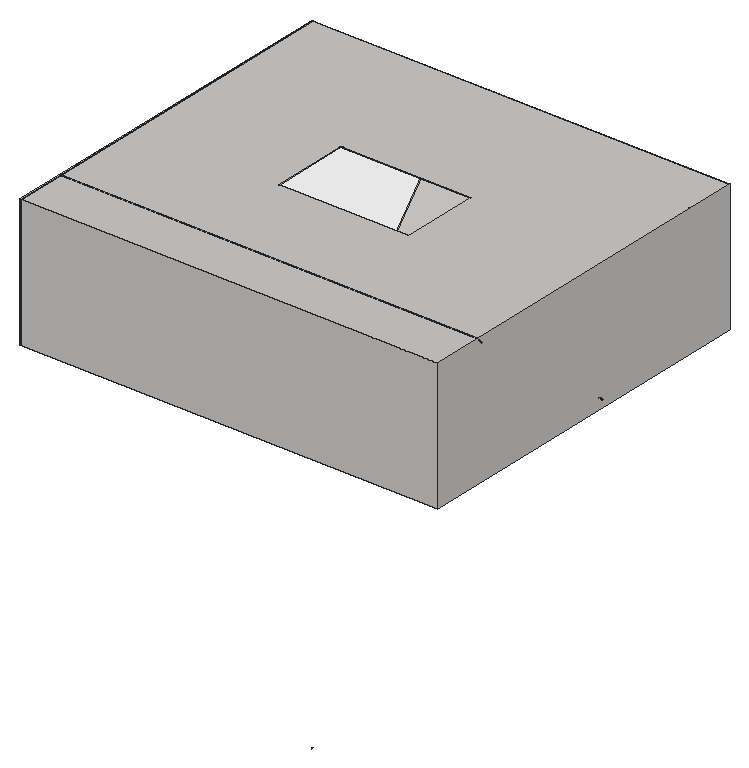
Revit family "QF_ELECTROLUXPROFESSIONAL_642031_EC1416T", category Specialty Equipment, Revit 2014
Reference planes
  plane 1: z = 0
  plane 2 "Center (Left/Right)": x = 150
  plane 3 "LEFT": x = -650
  plane 4 "RIGHT": x = 950
  plane 5 "BACK": y = 550
  plane 6 "TOP": z = 2500
  plane 7 "Base": z = 2000
  plane 8: z = 1946
  plane 9: x = -647
  plane 10 "DrainX": x = 799
  plane 11 "AOLeft2": x = 400
  plane 12: x = 947
  plane 13: x = -450
  plane 14: x = 750
  plane 15: x = 50
  plane 16: x = 250
  plane 17 "AOLeft1": x = -100
  plane 18: y = 0
  plane 19: y = -300
  plane 20: y = -150
  plane 21: y = -850
  plane 22: through (0, 260.354, 2382.279) normal (0, 0.766, -0.6428)
  plane 23: through (0, -560.351, 2382.279) normal (0, -0.766, -0.6428)
  plane 24: through (0, 272.154, 2402.468) normal (0, -0.753, 0.6581)
  plane 25: through (0, -572.152, 2402.468) normal (0, -0.753, -0.6581)
Forms (mm)
  Extrusion 1, solid, material "QF_Finishes_Stainless Steel"
    sketch origin (-650, 0, 360) x (0, 1, 0) y (0, 0, 1)
      loop
        line (550, 1640) -> (550, 2140) -> (-850, 2140) -> (-850, 1640) -> (550, 1640)
    from 0 to 3
  Extrusion 2, solid, material "QF_Finishes_Stainless Steel"
    sketch origin (950, 0, 360) x (0, 1, 0) y (0, 0, 1)
      loop
        line (550, 1640) -> (550, 2140) -> (-850, 2140) -> (-850, 1640) -> (550, 1640)
    from 0 to -3
  Extrusion 3, solid, material "QF_Finishes_Stainless Steel"
    sketch origin (150, 0, 360) x (0, 1, 0) y (0, 0, 1)
      loop
        line (-850, 2140) -> (-850, 1640) -> (-840, 1640) -> (-840, 1640.8) -> (-849.2, 1640.8) -> (-849.2, 2139.19) -> (549.2, 2139.19) -> (549.2, 1640.8) -> (540, 1640.8) -> (540, 1640) -> (550, 1640) -> (550, 2140) -> (-850, 2140)
    from -800 to 800
  Extrusion 4, solid, material "QF_Finishes_Stainless Steel"
    sketch origin (0, -600, 2000) x (0, 1, 0) y (-1, 0, 0)
      loop
        circle (450, -799) r 6.35
    from -3.799 to 0
  Extrusion 5, void
    sketch origin (0, 400, 2500) x (0, 1, 0) y (-1, 0, 0)
      loop
        line (-400, -400) -> (-400, 100) -> (-700, 100) -> (-700, -400) -> (-400, -400)
    from 0 to -10
  Extrusion 6, solid, material "QF_Finishes_Stainless Steel"
    sketch origin (0, 0, 0) x (1, 0, 0) y (0, 1, 0)
      loop
        line (-650, 550) -> (-650, 549) -> (-649, 549) -> (-649, 550) -> (-650, 550)
    from 0 to 1
  Extrusion 7, solid, material "QF_Finishes_Stainless Steel"
    sketch origin (150, 0, 360) x (0, 1, 0) y (0, 0, 1)
      loop
        line (-79.471, 1685.734) -> (-56.882, 1665.992) -> (272.154, 2042.468) -> (249.566, 2062.21) -> (-79.471, 1685.734)
      loop
        line (-572.152, 2042.468) -> (-243.115, 1665.992) -> (-220.526, 1685.734) -> (-549.563, 2062.21) -> (-572.152, 2042.468)
    from -600 to -797
  Extrusion 8, solid, material "QF_Finishes_Stainless Steel"
    sketch origin (150, 0, 360) x (0, 1, 0) y (0, 0, 1)
      loop
        line (260.354, 2022.279) -> (358.454, 2139.19) -> (357.41, 2139.19) -> (266.169, 2030.453) -> (264.331, 2031.996) -> (257.903, 2024.336) -> (260.354, 2022.279)
      loop
        line (-39.202, 1672.761) -> (-56.017, 1663.363) -> (-81.407, 1685.429) -> (-81.974, 1684.862) -> (-54.914, 1661.345) -> (-90.242, 1641.601) -> (-209.758, 1641.601) -> (-245.086, 1661.345) -> (-218.026, 1684.862) -> (-218.593, 1685.429) -> (-243.983, 1663.363) -> (-260.798, 1672.761) -> (-262.311, 1670.055) -> (-209.966, 1640.801) -> (-90.034, 1640.801) -> (-37.689, 1670.055) -> (-39.202, 1672.761)
      loop
        line (-560.354, 2022.279) -> (-557.903, 2024.336) -> (-564.331, 2031.996) -> (-566.169, 2030.453) -> (-657.41, 2139.19) -> (-658.454, 2139.19) -> (-560.354, 2022.279)
    from -797 to 797
  Extrusion 9, solid, material "QF_Finishes_Stainless Steel"
    sketch origin (150, 0, 360) x (0, 1, 0) y (0, 0, 1)
      loop
        line (272.154, 2042.468) -> (249.566, 2062.21) -> (-79.471, 1685.734) -> (-56.882, 1665.992) -> (272.154, 2042.468)
      loop
        line (-572.154, 2042.468) -> (-243.118, 1665.992) -> (-220.529, 1685.734) -> (-549.566, 2062.21) -> (-572.154, 2042.468)
    from 797 to 600
  Extrusion 10, solid, material "QF_Finishes_Stainless Steel"
    sketch origin (150, 0, 360) x (0, 1, 0) y (0, 0, 1)
      loop
        line (272.154, 2042.468) -> (249.566, 2062.21) -> (-79.471, 1685.734) -> (-56.882, 1665.992) -> (272.154, 2042.468)
      loop
        line (-572.154, 2042.468) -> (-243.118, 1665.992) -> (-220.529, 1685.734) -> (-549.566, 2062.21) -> (-572.154, 2042.468)
    from -100 to 100
  Extrusion 11, solid, material "QF_Finished_Chrome"
    sketch origin (150, 0, 360) x (0, 1, 0) y (0, 0, 1)
      loop
        line (249.566, 2062.21) -> (-79.471, 1685.734) -> (-56.882, 1665.992) -> (272.154, 2042.468) -> (249.566, 2062.21)
      loop
        line (-549.566, 2062.21) -> (-572.154, 2042.468) -> (-243.118, 1665.992) -> (-220.529, 1685.734) -> (-549.566, 2062.21)
    from -600 to -100
  Extrusion 12, solid, material "QF_Finished_Chrome"
    sketch origin (150, 0, 360) x (0, 1, 0) y (0, 0, 1)
      loop
        line (272.154, 2042.468) -> (249.566, 2062.21) -> (-79.471, 1685.734) -> (-56.882, 1665.992) -> (272.154, 2042.468)
      loop
        line (-572.154, 2042.468) -> (-243.118, 1665.992) -> (-220.529, 1685.734) -> (-549.566, 2062.21) -> (-572.154, 2042.468)
    from 100 to 600
  Sweep 13, solid, material "QF_Finishes_Stainless Steel"
    path origin (0, 0, 0) x (1, 0, 0) y (0, 1, 0)
      loop
        line (950, 550) -> (-650, 550) -> (-650, -850) -> (950, -850) -> (950, 550)
    profile origin (950, -150, 0) x (1, 0, 0) y (0, 0, 1)
      loop
        line (-3, 2000) -> (-3, 2000.8) -> (-19, 2000.8) -> (-19, 2010) -> (-20, 2010) -> (-20, 2000) -> (-3, 2000)
  Extrusion 14, solid, material "QF_Finishes_Stainless Steel"
    sketch origin (799, 0, 0) x (0, 1, 0) y (0, 0, 1)
      loop
        arc (-105.855, 1994.063) -> (-104.106, 1996.894) -> (-100.969, 1998.001) r 5
        line (-100.969, 1998.001) -> (-94.999, 1998.001) -> (-94.999, 2000.8) -> (-204.999, 2000.8) -> (-204.999, 1998.001) -> (-199.028, 1998.001)
        arc (-199.028, 1998.001) -> (-195.891, 1996.894) -> (-194.142, 1994.063) r 5
        line (-194.142, 1994.063) -> (-187.139, 1955.845)
        arc (-187.139, 1955.845) -> (-182.768, 1948.768) -> (-174.924, 1946) r 12.5
        line (-174.924, 1946) -> (-125.073, 1946)
        arc (-125.073, 1946) -> (-117.229, 1948.768) -> (-112.859, 1955.845) r 12.5
        line (-112.859, 1955.845) -> (-105.855, 1994.063)
    from -90 to 90
Cuts and joins
  Extrusion 5 cuts Extrusion 3
  joined: Extrusion 2, Extrusion 3, Sweep 13
Lines and regions (mm)
  symbolic lines, style "SpecialityEquipment", detail levels coarse
    curve 1: line (950, 550, 2500) -> (-650, 550, 2500)
    curve 2: line (-650, 550, 2500) -> (-650, -850, 2500)
    curve 3: line (950, -850, 2500) -> (950, 550, 2500)
    curve 4: line (-650, 550, 0) -> (950, -850, 0)
    curve 5: line (950, 550, 0) -> (-650, -850, 0)
  symbolic lines, detail levels coarse
    curve 6: line (-650, -850, 0) -> (950, -850, 0)
    curve 7: line (400, 0, 0) -> (-100, 0, 0)
    curve 8: line (400, -300, 0) -> (400, 0, 0)
    curve 9: line (-100, -300, 0) -> (400, -300, 0)
    curve 10: line (-100, 0, 0) -> (-100, -300, 0)
Dimensions and locks
  plane 3 "LEFT" to plane 4 "RIGHT" = 1600 mm
  equal spacing: plane 3 "LEFT", plane 2 "Center (Left/Right)", plane 4 "RIGHT"
  plane 3 "LEFT" to plane 9 = 3 mm
  plane 10 "DrainX" to plane 4 "RIGHT" = 151 mm
  plane 12 to plane 4 "RIGHT" = 3 mm
  plane 3 "LEFT" to plane 13 = 200 mm
  plane 14 to plane 4 "RIGHT" = 200 mm
  locked: plane 7 "Base" to level at 2000
  locked: plane 6 "TOP" to plane 7 "Base" at 500
  locked: plane 15 to plane 16 at 200
  equal spacing: plane 15, plane 2 "Center (Left/Right)", plane 16
  plane 5 "BACK" to plane 21 = 1400 mm  (x2)
  equal spacing: plane 5 "BACK", plane 20, plane 21
  locked: plane 18 to plane 19 at 300
  equal spacing: plane 18, plane 20, plane 19
  plane 7 "Base" to plane 8 = 54 mm
  equal spacing: plane 17 "AOLeft1", plane 2 "Center (Left/Right)", plane 11 "AOLeft2"
  locked: plane 17 "AOLeft1" to plane 11 "AOLeft2" at 500
  aligned and locked: level to plane 1
  aligned and locked: plane 4 "RIGHT" to Extrusion 3
  aligned and locked: Extrusion 3 to plane 3 "LEFT"
  aligned and locked: Extrusion 7 to plane 9
  aligned and locked: Extrusion 7 to plane 13
  aligned and locked: Extrusion 2 to plane 12
  aligned and locked: plane 12 to Extrusion 9
  aligned and locked: plane 14 to Extrusion 9
  aligned and locked: plane 16 to Extrusion 10
  aligned and locked: Extrusion 10 to plane 15
  aligned and locked: plane 15 to Extrusion 11
  aligned and locked: Extrusion 11 to plane 13
  aligned and locked: Extrusion 12 to plane 16
  aligned and locked: Extrusion 12 to plane 14
  aligned and locked: Extrusion 8 to plane 9
  aligned and locked: plane 12 to Extrusion 8
  aligned and locked: Extrusion 5 to plane 17 "AOLeft1"
  aligned and locked: Extrusion 5 to plane 11 "AOLeft2"
  aligned and locked: plane 18 to curve 7
  aligned and locked: curve 9 to plane 19
  aligned and locked: plane 18 to Extrusion 5 sketch curve
  aligned and locked: Extrusion 5 sketch curve to plane 19
Automatic sketch dimensions
  Extrusion 1 sketch curve to plane 7 "Base" = 0 mm
  Extrusion 1 sketch curve to plane 5 "BACK" = 0 mm
  Extrusion 1 sketch curve to plane 6 "TOP" = 0 mm
  Extrusion 2 sketch curve to plane 7 "Base" = 0 mm
  Extrusion 2 sketch curve to plane 5 "BACK" = 0 mm
  Extrusion 2 sketch curve to plane 6 "TOP" = 0 mm
  Extrusion 3 sketch curve to plane 6 "TOP" = 0 mm
  Extrusion 3 sketch curve to plane 7 "Base" = 0 mm  (x2)
  Extrusion 3 sketch curve to plane 5 "BACK" = 0 mm
  Extrusion 3 sketch curve to Extrusion 3 sketch curve = 9.2 mm
  plane 7 "Base" to Extrusion 3 sketch curve = 0.8 mm  (x2)
  Extrusion 3 sketch curve to plane 5 "BACK" = 10 mm
  Extrusion 3 sketch curve to plane 5 "BACK" = 0.8 mm
  Extrusion 3 sketch curve to plane 6 "TOP" = 0.81 mm
  Extrusion 4 sketch curve to plane 10 "DrainX" = 0 mm
  Extrusion 5 sketch curve to plane 11 "AOLeft2" = 0 mm
  Extrusion 5 sketch curve to plane 17 "AOLeft1" = 0 mm
  Extrusion 6 sketch curve to plane 3 "LEFT" = 0 mm
  Extrusion 6 sketch curve to plane 5 "BACK" = 0 mm
  plane 3 "LEFT" to Extrusion 6 sketch curve = 1 mm
  Extrusion 6 sketch curve to Extrusion 6 sketch curve = 1 mm
  Sweep 13 sketch curve to plane 3 "LEFT" = 0 mm
  Sweep 13 sketch curve to plane 4 "RIGHT" = 0 mm
  Sweep 13 sketch curve to plane 5 "BACK" = 0 mm
  profile plane to Sweep 13 sketch curve = 20 mm
  Sweep 13 sketch curve to Sweep 13 sketch curve = 1 mm
  profile plane to Sweep 13 sketch curve = 3 mm
  level to Sweep 13 sketch curve = 2000 mm
  Sweep 13 sketch curve to Sweep 13 sketch curve = 0.8 mm
  Sweep 13 sketch curve to Sweep 13 sketch curve = 9.2 mm
  Extrusion 1 sketch curve to plane 19 = 550 mm
  Extrusion 2 sketch curve to plane 19 = 550 mm
  Extrusion 3 sketch curve to plane 19 = 540 mm
  Extrusion 3 sketch curve to Extrusion 3 sketch curve = 0.8 mm
  Sweep 13 sketch curve to plane 19 = 550 mm
  curve 5 to plane 3 "LEFT" = 0 mm
  curve 4 to plane 3 "LEFT" = 0 mm
  curve 10 to plane 17 "AOLeft1" = 0 mm
  curve 8 to plane 11 "AOLeft2" = 0 mm
  curve 5 to plane 4 "RIGHT" = 0 mm
  curve 6 to plane 4 "RIGHT" = 0 mm
  curve 4 to plane 5 "BACK" = 0 mm
  curve 5 to plane 5 "BACK" = 0 mm
  curve 6 to plane 21 = 0 mm
  Extrusion 7 sketch curve to plane 24 = 0 mm  (x2)
  Extrusion 7 sketch curve to plane 6 "TOP" = 77.79 mm  (x2)
  plane 7 "Base" to Extrusion 7 sketch curve = 25.992 mm  (x2)
  plane 7 "Base" to Extrusion 7 sketch curve = 45.734 mm
  Extrusion 7 sketch curve to plane 25 = 0 mm
  plane 25 to Extrusion 7 sketch curve = 0 mm
  Extrusion 7 sketch curve to plane 20 = 70.526 mm
  Extrusion 11 sketch curve to plane 24 = 0 mm  (x2)
  Extrusion 11 sketch curve to plane 19 = 272.154 mm
  Extrusion 11 sketch curve to plane 6 "TOP" = 77.79 mm  (x2)
  Extrusion 11 sketch curve to Extrusion 11 sketch curve = 22.589 mm
  plane 7 "Base" to Extrusion 11 sketch curve = 25.992 mm  (x2)
  plane 19 to Extrusion 11 sketch curve = 56.882 mm
  plane 20 to Extrusion 11 sketch curve = 70.529 mm
  Extrusion 10 sketch curve to plane 24 = 0 mm  (x2)
  Extrusion 10 sketch curve to plane 19 = 272.154 mm
  Extrusion 10 sketch curve to plane 6 "TOP" = 77.79 mm  (x2)
  Extrusion 10 sketch curve to Extrusion 10 sketch curve = 22.589 mm
  plane 7 "Base" to Extrusion 10 sketch curve = 25.992 mm  (x2)
  plane 19 to Extrusion 10 sketch curve = 56.882 mm
  plane 20 to Extrusion 10 sketch curve = 70.529 mm
  Extrusion 12 sketch curve to plane 24 = 0 mm  (x2)
  Extrusion 12 sketch curve to plane 19 = 272.154 mm
  Extrusion 12 sketch curve to plane 6 "TOP" = 77.79 mm  (x2)
  Extrusion 12 sketch curve to Extrusion 12 sketch curve = 22.589 mm
  plane 7 "Base" to Extrusion 12 sketch curve = 25.992 mm  (x2)
  plane 19 to Extrusion 12 sketch curve = 56.882 mm
  plane 20 to Extrusion 12 sketch curve = 70.529 mm
  Extrusion 9 sketch curve to plane 24 = 0 mm  (x2)
  Extrusion 9 sketch curve to plane 19 = 272.154 mm
  Extrusion 9 sketch curve to plane 6 "TOP" = 77.79 mm  (x2)
  Extrusion 9 sketch curve to Extrusion 9 sketch curve = 22.589 mm
  plane 7 "Base" to Extrusion 9 sketch curve = 25.992 mm  (x2)
  plane 19 to Extrusion 9 sketch curve = 56.882 mm
  plane 20 to Extrusion 9 sketch curve = 70.529 mm
  Extrusion 4 sketch curve to plane 20 = 0 mm
  plane 7 "Base" to Extrusion 14 sketch curve = 0.8 mm
  Extrusion 14 sketch curve to plane 20 = 54.999 mm
  Extrusion 14 sketch curve to Extrusion 14 sketch curve = 5.97 mm  (x2)
  Extrusion 14 sketch curve to Extrusion 14 sketch curve = 4.886 mm  (x2)
  plane 8 to Extrusion 14 sketch curve = 9.845 mm  (x2)
  Extrusion 14 sketch curve to Extrusion 14 sketch curve = 7.004 mm  (x2)
  plane 8 to Extrusion 14 sketch curve = 12.5 mm
  Extrusion 14 sketch curve to Extrusion 14 sketch curve = 12.215 mm  (x2)
  plane 20 to Extrusion 14 sketch curve = 24.927 mm
  Extrusion 14 sketch curve to plane 7 "Base" = 5.937 mm
  Extrusion 14 sketch curve to plane 7 "Base" = 1.999 mm  (x2)
  Extrusion 14 sketch curve to Extrusion 14 sketch curve = 1.062 mm
  plane 22 to Extrusion 8 sketch curve = 0 mm  (x2)
  Extrusion 8 sketch curve to plane 6 "TOP" = 0.81 mm  (x2)
  plane 21 to Extrusion 8 sketch curve = 191.546 mm
  Extrusion 8 sketch curve to Extrusion 8 sketch curve = 1.044 mm
  Extrusion 8 sketch curve to plane 6 "TOP" = 109.547 mm  (x2)
  Extrusion 8 sketch curve to Extrusion 8 sketch curve = 91.241 mm
  Extrusion 8 sketch curve to plane 6 "TOP" = 108.004 mm  (x2)
  Extrusion 8 sketch curve to plane 6 "TOP" = 117.721 mm
  plane 19 to Extrusion 8 sketch curve = 37.689 mm
  plane 7 "Base" to Extrusion 8 sketch curve = 32.761 mm
  Extrusion 8 sketch curve to Extrusion 8 sketch curve = 1.512 mm
  plane 7 "Base" to Extrusion 8 sketch curve = 21.345 mm  (x2)
  Extrusion 8 sketch curve to Extrusion 8 sketch curve = 17.225 mm
  plane 7 "Base" to Extrusion 8 sketch curve = 23.363 mm  (x2)
  Extrusion 8 sketch curve to Extrusion 8 sketch curve = 1.103 mm  (x2)
  Extrusion 8 sketch curve to Extrusion 8 sketch curve = 25.389 mm  (x2)
  Extrusion 8 sketch curve to Extrusion 8 sketch curve = 0.567 mm  (x4)
  plane 7 "Base" to Extrusion 8 sketch curve = 0.801 mm
  plane 7 "Base" to Extrusion 8 sketch curve = 1.601 mm
  plane 20 to Extrusion 8 sketch curve = 59.758 mm
  Extrusion 8 sketch curve to Extrusion 8 sketch curve = 0.208 mm  (x2)
  Extrusion 8 sketch curve to Extrusion 8 sketch curve = 8.268 mm
  Extrusion 8 sketch curve to Extrusion 8 sketch curve = 16.816 mm
  plane 7 "Base" to Extrusion 8 sketch curve = 30.055 mm
  Extrusion 8 sketch curve to plane 6 "TOP" = 115.664 mm
  plane 18 to Extrusion 8 sketch curve = 257.903 mm
  Extrusion 8 sketch curve to Extrusion 8 sketch curve = 21.498 mm  (x2)
  curve 2 to plane 3 "LEFT" = 0 mm
  curve 2 to plane 21 = 0 mm
  curve 3 to plane 4 "RIGHT" = 0 mm
  curve 3 to plane 21 = 0 mm
  curve 2 to plane 5 "BACK" = 0 mm
  radius of Extrusion 4 sketch curve = 6.35 mm
Connectors
  piping at (799, -150, 1996.201), diameter 12.7
    settings: on Extrusion 4, index 1, connector inside diameter 609.6 mm, connector length 0 mm, flow factor 0, pipe flow 0.0 L/s, pressure drop 0.0 Pa, fitting loss kfactor 0, connector angle 0.00°, fixture units 0, engagement length 0 mm, angle of deflection 0.00°, flow configuration 1, flow direction 2, fitting loss method 0, system type 16, joint type 0, gender type 0, connector reference index -1, connector utility 0, adjustable connector no, is connector primary yes, connector description "Drain"
  hvac at (150, -150, 2500)
    settings: on Extrusion 5, index 2, duct flow 0.0 L/s, flow factor 0, pres drop 0.0 Pa, loss coef 0, conn angle 0.00°, conn width 300 mm, conn height 500 mm, conn diameter 609.6 mm, duct sys type 3, conn prof type 1, flow config 1, flow direction 2, loss method 0, conn ref index -1, conn util no, is conn primary yes, conn desc "EXHAUST OUTLET"
